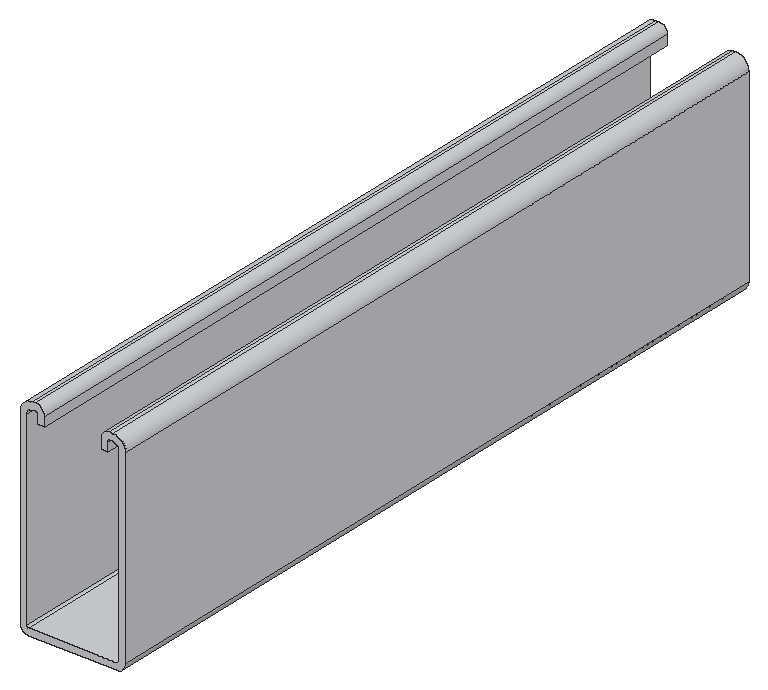
Revit family "Channel-Unistrut-P5000", category Specialty Equipment, Revit 2012
Parameters (values of type "P5000")
  ecoScorecard_data = ""
  ecoScorecard Product Page = ""
  Weight Per Foot = 3.05 lbf/ft
  Unit = none
  URL = "http://unistrut.us/index.php"
  Subcategory = "1 5/8\" Channels"
  Product Page URL = "http://unistrut.us/index.php?WP=cat_detail&S=S02&P=P5000"
  Power Strut Part Number = "PS 200 KO6"  # constant formula
  Part Type = "Channel"  # constant formula
  Part Number = ""
  Overall Width = 1 5/8"  # constant formula
  Overall Height = 3 1/4"  # constant formula
  Model = "P5000"  # constant formula
  Material = "Multiple Options - See Catalog"
  Manufacturer Toll Free Phone = "800-882-5543"  # constant formula
  Manufacturer Phone = "708-339-1610"  # constant formula
  Manufacturer Fax = "708-339-7814"  # constant formula
  Manufacturer Email = "mailto:questions@atkore.com"
  Manufacturer Address = "16100 South Lathrop Avenue, Harvey, IL 60426"  # constant formula
  Manufacturer = "Unistrut by Atkore International"  # constant formula
  Load Capacity Note = "Visit the product page for load application and capacity."  # constant formula
  Literature URL = "http://unistrut.us/index.php?WP=LItLibrary"
  Length [instance] = 12"
  Hole Spacing On Center Dimension = 6"
  Hole Spacing From End Dimension = 7/8"
  Gauge Thickness = "12 Gauge (.105”)"  # constant formula
  Description = "P5000 Channel"  # constant formula
  Cost Info = "mailto:questions@atkore.com"
  Construction Note = "Not Applicable"  # constant formula
  Category = "Specialty Equipment"  # constant formula
  CSI MasterSpec = "http://www.unistrut.us/a_files/TechRef/Unistrut_CSI_05430.pdf"
  CAD URL = "http://unistrut.us/index.php?WP=CAD3d"
  Assembly Code = "D5020100"
  Allowable Moment = 21.381 N·m
  95 CSI = "16070"  # constant formula
  04 CSI = "26 05 48"  # constant formula
Reference planes (in)
  plane 1 "Center (Front/Back)": y = 0
  plane 2: z = 0
  plane 3 "Center (Left/Right)": x = 0
  plane 4: z = 3.25
  plane 5: y = 6
  plane 6: x = -0.8125
  plane 7: y = -6
  plane 8: x = 0.8125
Dimensions and locks (in)
  "Overall Height": plane 4 to level
  equal spacing: plane 6, plane 3 "Center (Left/Right)", plane 8
  "Overall Width": plane 6 to plane 8
  equal spacing: plane 5, plane 1 "Center (Front/Back)", plane 7
  "Length": plane 5 to plane 7
  aligned and locked: level to plane 2
  aligned and locked: plane 1 "Center (Front/Back)" to nested 1
  aligned and locked: plane 3 "Center (Left/Right)" to nested 1
  aligned and locked: nested 1 to level
Nested families (in)
  nested 1: "P5000 Channel" at (0, 0, 0), type "P5000 Channel"
Definition of nested family "P5000 Channel"
  Parameters (values of type "P5000 Channel")
    Width = 1 5/8"
    Unit = none
    Length = 12"
    Height = 3 1/4"
  Reference planes (in)
    plane 1 "Center (Front/Back)": y = 0
    plane 2: z = 0
    plane 3 "Center (Left/Right)": x = 0
    plane 4: z = 3.25
    plane 5: x = -0.8125
    plane 6: x = 0.8125
    plane 7: y = 6
    plane 8: y = -6
    plane 9: x = 0.4375
    plane 10: x = -0.4375
    plane 11: z = 2.96875
  Forms (in)
    Sweep 1, solid, material <- "Unit", detail levels fine
      path origin (0, 0, 0) x (1, 0, 0) y (0, 1, 0)
        loop
          line (0, 6) -> (0, -6)
      profile origin (0, 0, 0) x (1, 0, 0) y (0, 0, 1)
        loop
          line (0.7075, 3.051) -> (0.7075, 0.13625)
          arc (0.7075, 0.13625) -> (0.69835, 0.11415) -> (0.67625, 0.105) r 0.03125
          line (0.67625, 0.105) -> (-0.67625, 0.105)
          arc (-0.67625, 0.105) -> (-0.69835, 0.11415) -> (-0.7075, 0.13625) r 0.03125
          line (-0.7075, 0.13625) -> (-0.7075, 3.051)
          arc (-0.7075, 3.051) -> (-0.68004, 3.11729) -> (-0.61375, 3.14475) r 0.09375
          line (-0.61375, 3.14475) -> (-0.57375, 3.14475)
          arc (-0.57375, 3.14475) -> (-0.55165, 3.1356) -> (-0.5425, 3.1135) r 0.03125
          line (-0.5425, 3.1135) -> (-0.5425, 2.96875) -> (-0.4375, 2.96875) -> (-0.4375, 3.1135)
          arc (-0.4375, 3.1135) -> (-0.47741, 3.20984) -> (-0.57375, 3.24975) r 0.13625
          line (-0.57375, 3.24975) -> (-0.61375, 3.24975)
          arc (-0.61375, 3.24975) -> (-0.75429, 3.19154) -> (-0.8125, 3.051) r 0.19875
          line (-0.8125, 3.051) -> (-0.8125, 0.13625)
          arc (-0.8125, 0.13625) -> (-0.77259, 0.03991) -> (-0.67625, 0) r 0.13625
          line (-0.67625, 0) -> (0.67625, 0)
          arc (0.67625, 0) -> (0.77259, 0.03991) -> (0.8125, 0.13625) r 0.13625
          line (0.8125, 0.13625) -> (0.8125, 3.051)
          arc (0.8125, 3.051) -> (0.75429, 3.19154) -> (0.61375, 3.24975) r 0.19875
          line (0.61375, 3.24975) -> (0.57375, 3.24975)
          arc (0.57375, 3.24975) -> (0.47741, 3.20984) -> (0.4375, 3.1135) r 0.13625
          line (0.4375, 3.1135) -> (0.4375, 2.96875) -> (0.5425, 2.96875) -> (0.5425, 3.1135)
          arc (0.5425, 3.1135) -> (0.55165, 3.1356) -> (0.57375, 3.14475) r 0.03125
          line (0.57375, 3.14475) -> (0.61375, 3.14475)
          arc (0.61375, 3.14475) -> (0.68004, 3.11729) -> (0.7075, 3.051) r 0.09375
    Sweep 2, solid, material <- "Unit", detail levels coarse+medium
      path origin (0, 0, 0) x (1, 0, 0) y (0, 1, 0)
        loop
          line (0, 6) -> (0, -6)
      profile origin (0, 0, 0) x (1, 0, 0) y (0, 0, 1)
        loop
          line (0.8125, 3.25) -> (-0.8125, 3.25) -> (-0.8125, 0) -> (0.8125, 0) -> (0.8125, 3.25)
  Lines and regions (in)
    symbolic lines, style "Channel", detail levels coarse+medium
      curve 1: line (0.8125, 6, 0) -> (0.8125, -6, 0)
      curve 2: line (-0.8125, 6, 0) -> (0.8125, 6, 0)
      curve 3: line (-0.8125, 6, 0) -> (-0.8125, -6, 0)
      curve 4: line (-0.8125, -6, 0) -> (0.8125, -6, 0)
    symbolic lines, style "Channel", detail levels fine
      curve 5: line (-0.8125, 6, 0) -> (0.8125, 6, 0)
      curve 6: line (0.8125, 6, 0) -> (0.8125, -6, 0)
      curve 7: line (0.4375, 6, 0) -> (0.4375, -6, 0)
      curve 8: line (-0.4375, 6, 0) -> (-0.4375, -6, 0)
      curve 9: line (-0.8125, 6, 0) -> (-0.8125, -6, 0)
      curve 10: line (-0.8125, -6, 0) -> (0.8125, -6, 0)
  Dimensions and locks (in)
    "Height": plane 4 to level
    equal spacing: plane 6, plane 3 "Center (Left/Right)", plane 5
    "Width": plane 6 to plane 5
    equal spacing: plane 7, plane 1 "Center (Front/Back)", plane 8
    "Length": plane 7 to plane 8
    locked: plane 6 to plane 9 at 0.375
    locked: plane 5 to plane 10 at 0.375
    locked: plane 4 to plane 11 at 0.28125
    locked: plane 6 to Sweep 1 sketch curve at 0.105
    locked: Sweep 1 sketch curve to plane 5 at 0.105
    locked: Sweep 1 sketch curve to level at 0.105
    locked: plane 4 to Sweep 1 sketch curve at 0.28125  (x2)
    aligned and locked: plane 2 to level
    aligned and locked: plane 8 to Sweep 1 sketch curve
    aligned and locked: plane 7 to Sweep 1 sketch curve
    aligned and locked: Sweep 1 sketch curve to plane 3 "Center (Left/Right)"
    aligned and locked: plane 6 to Sweep 1 sketch curve
    aligned and locked: Sweep 1 sketch curve to plane 5
    aligned and locked: Sweep 1 sketch curve to level
    aligned and locked: plane 8 to Sweep 2 sketch curve
    aligned and locked: plane 7 to Sweep 2 sketch curve
    aligned and locked: Sweep 2 sketch curve to plane 3 "Center (Left/Right)"
    aligned and locked: Sweep 2 sketch curve to plane 6
    aligned and locked: Sweep 2 sketch curve to plane 4
    aligned and locked: Sweep 2 sketch curve to plane 5
    aligned and locked: Sweep 2 sketch curve to level
    aligned and locked: curve 1 to plane 6
    aligned and locked: curve 2 to plane 7
    aligned and locked: curve 3 to plane 5
    aligned and locked: curve 7 to plane 9
    aligned and locked: plane 10 to curve 8
    aligned and locked: plane 8 to curve 10
  Automatic sketch dimensions
    Sweep 1 sketch curve to Sweep 1 sketch curve = 0"  (x10)
    Sweep 1 sketch curve to Sweep 1 sketch curve = 1/32"  (x3)
    Sweep 1 sketch curve to Sweep 1 sketch curve = 3/32"  (x2)
    Sweep 1 sketch curve to Sweep 1 sketch curve = 0.04"  (x2)
    Sweep 1 sketch curve to profile plane = 0.67625"
    Sweep 1 sketch curve to Sweep 1 sketch curve = 0.08225"  (x2)
    curve 6 to curve 7 = 0"
    curve 8 to curve 7 = 0"
    curve 7 to curve 8 = 0"
    curve 8 to curve 9 = 0"
